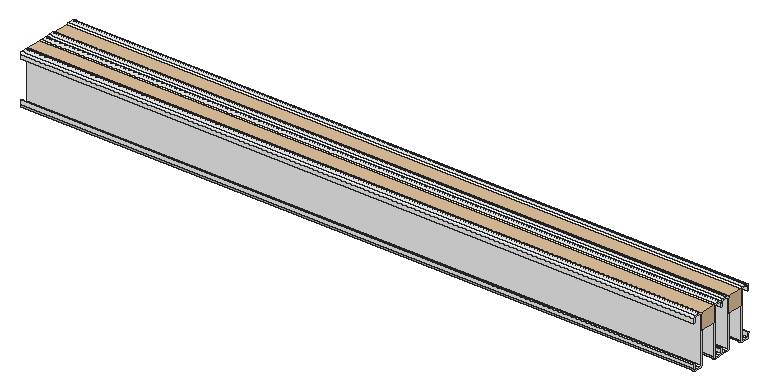
Revit family "S_Beam_16cm", category Structural Stiffeners, Revit 2020
Family settings
  Work Plane-Based = No
  Always vertical = Yes
  Cut with Voids When Loaded = No
  Shared = No
Parameters (values of type "S_Beam_16cm_Double")
  Wooden_Material = Sash
  Single = no
  L [instance] = 2200 mm
  Double = yes
  Default Elevation = 0 mm
  Beam_Material = Aluminum
Types (3, lengths in mm): name | Single | L | Double
  (no name) | no | 2120 | yes
  S_Beam_16cm_single | yes | 2120 | no
  S_Beam_16cm_Double | no | 2200 | yes
Reference planes
  plane 1 "Center (Front/Back)": y = 0
  plane 2: z = 0
  plane 3 "Center (Left/Right)": x = 0
  plane 4: x = 1100
  plane 5: x = -1100
Forms (mm)
  Sweep 1, solid, material "Aluminum" <- "Beam_Material", visible <- "Single"
    path origin (0, 0, 0) x (1, 0, 0) y (0, 1, 0)
      loop
        line (-1100, 0) -> (1100, 0)
    profile "S-Beam_16cm_Profile_Single : S-Beam_16cm_Profile_Single" origin (0, 0, 0) x (0, 1, 0) y (0, 0, 1)
      loop
        line (27.692, -154) -> (27.692, -6)
        arc (27.692, -6) -> (28.717, -3.525) -> (31.192, -2.5) r 3.5
        line (31.192, -2.5) -> (49.192, -2.5)
        arc (49.192, -2.5) -> (51.667, -3.525) -> (52.692, -6) r 3.5
        line (52.692, -6) -> (52.692, -20) -> (55.192, -20) -> (55.192, -6)
        arc (55.192, -6) -> (53.435, -1.757) -> (49.192, 0) r 6
        line (49.192, 0) -> (31.192, 0)
        arc (31.192, 0) -> (26.949, -1.757) -> (25.192, -6) r 6
        line (25.192, -6) -> (25.192, -154)
        arc (25.192, -154) -> (26.949, -158.243) -> (31.192, -160) r 6
        line (31.192, -160) -> (49.192, -160)
        arc (49.192, -160) -> (53.435, -158.243) -> (55.192, -154) r 6
        line (55.192, -154) -> (55.192, -140) -> (52.692, -140) -> (52.692, -154)
        arc (52.692, -154) -> (51.667, -156.475) -> (49.192, -157.5) r 3.5
        line (49.192, -157.5) -> (31.192, -157.5)
        arc (31.192, -157.5) -> (28.717, -156.475) -> (27.692, -154) r 3.5
      loop
        arc (-52.5, -6) -> (-51.475, -3.525) -> (-49, -2.5) r 3.5
        line (-49, -2.5) -> (-31, -2.5)
        arc (-31, -2.5) -> (-28.525, -3.525) -> (-27.5, -6) r 3.5
        line (-27.5, -6) -> (-27.5, -154)
        arc (-27.5, -154) -> (-28.525, -156.475) -> (-31, -157.5) r 3.5
        line (-31, -157.5) -> (-49, -157.5)
        arc (-49, -157.5) -> (-51.475, -156.475) -> (-52.5, -154) r 3.5
        line (-52.5, -154) -> (-52.5, -140) -> (-55, -140) -> (-55, -154)
        arc (-55, -154) -> (-53.243, -158.243) -> (-49, -160) r 6
        line (-49, -160) -> (-31, -160)
        arc (-31, -160) -> (-26.757, -158.243) -> (-25, -154) r 6
        line (-25, -154) -> (-25, -6)
        arc (-25, -6) -> (-26.757, -1.757) -> (-31, 0) r 6
        line (-31, 0) -> (-49, 0)
        arc (-49, 0) -> (-53.243, -1.757) -> (-55, -6) r 6
        line (-55, -6) -> (-55, -20) -> (-52.5, -20) -> (-52.5, -6)
  Sweep 2, solid, material "Sash" <- "Wooden_Material", visible <- "Single"
    path origin (0, 0, 0) x (1, 0, 0) y (0, 1, 0)
      loop
        line (-1100, 0) -> (1100, 0)
    profile origin (0, 0, 0) x (0, 1, 0) y (0, 0, 1)
      loop
        line (-24, -1.5) -> (-24, -51.5) -> (24.192, -51.5) -> (24.192, -1.5) -> (-24, -1.5)
  Sweep 3, solid, material "Aluminum" <- "Beam_Material", visible <- "Double"
    path origin (0, 0, 0) x (1, 0, 0) y (0, 1, 0)
      loop
        line (-1100, 0) -> (1100, 0)
    profile "S-Beam_16cm_Profile_Double : S-Beam_16cm_Profile_Double" origin (0, 0, 0) x (0, 1, 0) y (0, 0, 1)
      loop
        line (82.692, -154) -> (82.692, -6)
        arc (82.692, -6) -> (83.717, -3.525) -> (86.192, -2.5) r 3.5
        line (86.192, -2.5) -> (104.192, -2.5)
        arc (104.192, -2.5) -> (106.667, -3.525) -> (107.692, -6) r 3.5
        line (107.692, -6) -> (107.692, -20) -> (110.192, -20) -> (110.192, -6)
        arc (110.192, -6) -> (108.435, -1.757) -> (104.192, 0) r 6
        line (104.192, 0) -> (86.192, 0)
        arc (86.192, 0) -> (81.949, -1.757) -> (80.192, -6) r 6
        line (80.192, -6) -> (80.192, -154)
        arc (80.192, -154) -> (81.949, -158.243) -> (86.192, -160) r 6
        line (86.192, -160) -> (104.192, -160)
        arc (104.192, -160) -> (108.435, -158.243) -> (110.192, -154) r 6
        line (110.192, -154) -> (110.192, -140) -> (107.692, -140) -> (107.692, -154)
        arc (107.692, -154) -> (106.667, -156.475) -> (104.192, -157.5) r 3.5
        line (104.192, -157.5) -> (86.192, -157.5)
        arc (86.192, -157.5) -> (83.717, -156.475) -> (82.692, -154) r 3.5
      loop
        arc (2.5, -6) -> (3.525, -3.525) -> (6, -2.5) r 3.5
        line (6, -2.5) -> (24, -2.5)
        arc (24, -2.5) -> (26.475, -3.525) -> (27.5, -6) r 3.5
        line (27.5, -6) -> (27.5, -154)
        arc (27.5, -154) -> (26.475, -156.475) -> (24, -157.5) r 3.5
        line (24, -157.5) -> (6, -157.5)
        arc (6, -157.5) -> (3.525, -156.475) -> (2.5, -154) r 3.5
        line (2.5, -154) -> (2.5, -140) -> (0, -140) -> (0, -154)
        arc (0, -154) -> (1.757, -158.243) -> (6, -160) r 6
        line (6, -160) -> (24, -160)
        arc (24, -160) -> (28.243, -158.243) -> (30, -154) r 6
        line (30, -154) -> (30, -6)
        arc (30, -6) -> (28.243, -1.757) -> (24, 0) r 6
        line (24, 0) -> (6, 0)
        arc (6, 0) -> (1.757, -1.757) -> (0, -6) r 6
        line (0, -6) -> (0, -20) -> (2.5, -20) -> (2.5, -6)
  Sweep 4, solid, material "Aluminum" <- "Beam_Material", visible <- "Double"
    path origin (0, 0, 0) x (1, 0, 0) y (0, -1, 0)
      loop
        line (-1100, 0) -> (1100, 0)
    profile "S-Beam_16cm_Profile_Double : S-Beam_16cm_Profile_Double" origin (0, 0, 0) x (0, 1, 0) y (0, 0, 1)
      loop
        arc (-82.692, -154) -> (-83.717, -156.475) -> (-86.192, -157.5) r 3.5
        line (-86.192, -157.5) -> (-104.192, -157.5)
        arc (-104.192, -157.5) -> (-106.667, -156.475) -> (-107.692, -154) r 3.5
        line (-107.692, -154) -> (-107.692, -140) -> (-110.192, -140) -> (-110.192, -154)
        arc (-110.192, -154) -> (-108.435, -158.243) -> (-104.192, -160) r 6
        line (-104.192, -160) -> (-86.192, -160)
        arc (-86.192, -160) -> (-81.949, -158.243) -> (-80.192, -154) r 6
        line (-80.192, -154) -> (-80.192, -6)
        arc (-80.192, -6) -> (-81.949, -1.757) -> (-86.192, 0) r 6
        line (-86.192, 0) -> (-104.192, 0)
        arc (-104.192, 0) -> (-108.435, -1.757) -> (-110.192, -6) r 6
        line (-110.192, -6) -> (-110.192, -20) -> (-107.692, -20) -> (-107.692, -6)
        arc (-107.692, -6) -> (-106.667, -3.525) -> (-104.192, -2.5) r 3.5
        line (-104.192, -2.5) -> (-86.192, -2.5)
        arc (-86.192, -2.5) -> (-83.717, -3.525) -> (-82.692, -6) r 3.5
        line (-82.692, -6) -> (-82.692, -154)
      loop
        line (-2.5, -6) -> (-2.5, -20) -> (0, -20) -> (0, -6)
        arc (0, -6) -> (-1.757, -1.757) -> (-6, 0) r 6
        line (-6, 0) -> (-24, 0)
        arc (-24, 0) -> (-28.243, -1.757) -> (-30, -6) r 6
        line (-30, -6) -> (-30, -154)
        arc (-30, -154) -> (-28.243, -158.243) -> (-24, -160) r 6
        line (-24, -160) -> (-6, -160)
        arc (-6, -160) -> (-1.757, -158.243) -> (0, -154) r 6
        line (0, -154) -> (0, -140) -> (-2.5, -140) -> (-2.5, -154)
        arc (-2.5, -154) -> (-3.525, -156.475) -> (-6, -157.5) r 3.5
        line (-6, -157.5) -> (-24, -157.5)
        arc (-24, -157.5) -> (-26.475, -156.475) -> (-27.5, -154) r 3.5
        line (-27.5, -154) -> (-27.5, -6)
        arc (-27.5, -6) -> (-26.475, -3.525) -> (-24, -2.5) r 3.5
        line (-24, -2.5) -> (-6, -2.5)
        arc (-6, -2.5) -> (-3.525, -3.525) -> (-2.5, -6) r 3.5
  Sweep 5, solid, material "Sash" <- "Wooden_Material", visible <- "Double"
    path origin (0, 0, 0) x (1, 0, 0) y (0, 1, 0)
      loop
        line (-1100, 0) -> (1100, 0)
    profile origin (0, 0, 0) x (0, 1, 0) y (0, 0, 1)
      loop
        line (-31, -51.5) -> (-31, -1.5) -> (-79.192, -1.5) -> (-79.192, -51.5) -> (-31, -51.5)
      loop
        line (31, -51.5) -> (79.192, -51.5) -> (79.192, -1.5) -> (31, -1.5) -> (31, -51.5)
Dimensions and locks
  equal spacing: plane 5, plane 3 "Center (Left/Right)", plane 4
  "L": plane 5 to plane 4
  Sweep 1 to Sweep 2 sketch curve = 1 mm
  Sweep 2 sketch curve to Sweep 1 = 1 mm  (x2)
  Sweep 2 sketch curve to Sweep 2 sketch curve = 50 mm
  aligned and locked: level to plane 2
  aligned and locked: plane 5 to Sweep 1 sketch curve
  aligned and locked: plane 4 to Sweep 1 sketch curve
  aligned and locked: plane 1 "Center (Front/Back)" to Sweep 1 sketch curve
  aligned and locked: plane 5 to Sweep 2 sketch curve
  aligned and locked: plane 4 to Sweep 2 sketch curve
  aligned and locked: plane 1 "Center (Front/Back)" to Sweep 2 sketch curve
  aligned and locked: plane 1 "Center (Front/Back)" to Sweep 3 sketch curve
  aligned and locked: plane 5 to Sweep 3 sketch curve
  aligned and locked: plane 4 to Sweep 3 sketch curve
  aligned and locked: plane 4 to Sweep 4 sketch curve
  aligned and locked: plane 5 to Sweep 4 sketch curve
  aligned and locked: plane 1 "Center (Front/Back)" to Sweep 4 sketch curve
  aligned and locked: plane 1 "Center (Front/Back)" to Sweep 5 sketch curve
  aligned and locked: plane 5 to Sweep 5 sketch curve
  aligned and locked: plane 4 to Sweep 5 sketch curve
Automatic sketch dimensions
  profile plane to Sweep 5 sketch curve = 79.192 mm
  Sweep 5 sketch curve to level = 1.5 mm  (x2)
  profile plane to Sweep 5 sketch curve = 31 mm
  Sweep 5 sketch curve to profile plane = 31 mm
  Sweep 5 sketch curve to Sweep 5 sketch curve = 48.192 mm
  Sweep 5 sketch curve to level = 51.5 mm
  Sweep 5 sketch curve to Sweep 5 sketch curve = 50 mm
